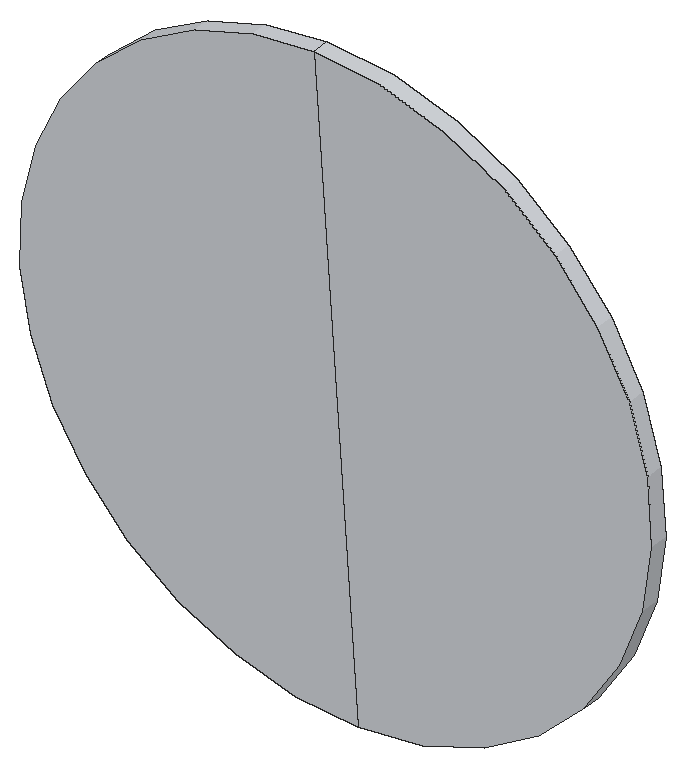
Revit family "Alcon-13101-LG-M-Revit Family", category Lighting Fixtures, Revit 2025
Family settings
  Round Connector Dimension = Use Diameter
  Part Type = Normal
  Work Plane-Based = Yes
  Always vertical = No
  Cut with Voids When Loaded = No
  Light Source = No
  Maintain Annotation Orientation = No
  Shared = No
  Room Calculation Point = No
Parameters (values of type "LCALDJ5W-L35UE-DUN-40")
  lamp = Lamp
  Width = 4 3/4"  # constant formula
  Wattage Comments = ""
  Wattage = 45 W
  Waterproof = ""
  URL = "https://www.alconlighting.com/"
  To intersect with a cutting plan [instance] = 97"
  Specification Sheets = "https://www.alconlighting.com/13101-lg-m.html"
  Rotation angle (-355....+355) degrees [instance] = 0.00°
  Product Page = "https://www.alconlighting.com/13101-lg-m.html"
  Photo = "https://www.alconlighting.com/13101-lg-m.html"
  OPTIONS = "Frosted Lens -FR"
  Model = "Alcon-13101-LG-M"
  Manufacturer = "https://www.alconlighting.com/"
  Luminous Flux = 3500 lm
  Line Art = "https://www.alconlighting.com/13101-lg-m.html"
  Lamp = "LED"
  LED = "T30:3000K"
  Instruction Sheet = "ETL/cETL listed to UL1598 and UL8750.\r\n4VJUBCMF\u0001GPS\u0001ESZ\u0001BOE\u0001EBNQ\u0001MPDBUJPOT\u000f\u0001\r\nNYC approved: Calendar #41937.\r\nAssembled in USA."
  IES File = "https://www.alconlighting.com/13101-lg-m.html"
  ID# = ""
  Housing = White
  Height = 9 3/16"  # constant formula
  FINISH = "W: White"
  Efficacy = 77.78 lm/W
  Description = "Architectural-grade surface, pendant and track mount adjustable accent LED provides the flexibility to put the light where you want it, whether into tight corners or accenting your favorite sculpture."
  Depth = 4 3/4"  # constant formula
  Default Elevation = 48"
  DIMMING = "Non-Dimming (120V)"
  COLOR TEMP = "3000K (90 CRI)"
  BEAM SPREAD = ""
  Tilt angle  (0... +85) degrees [instance] = 85.00°
Reference planes (in)
  plane 1 "Light Source Axis (F/B)": y = -1.33068
  plane 2: z = 0
  plane 3 "Light Source Axis (L/R)": x = -3.95312
  plane 4: y = -3.70568
  plane 5: y = -6.08068
  plane 6: x = -6.32812
  plane 7: x = -1.57812
  plane 8: z = -97.75
  plane 9: z = -3.6875
  plane 10: z = -6.4375
  plane 11: z = -9.1875
Lines and regions (in)
  model lines, style "InvisibleLines"
    curve 1: line (-3.95312, -1.33068, -0.75) -> (-3.95312, -1.33068, -97)
  reference lines, not visible
    curve 2: line (-3.95312, -3.70568, 0) -> (-3.95312, -56.70568, 0)
Dimensions and locks (in)
  "Depth": plane 1 "Light Source Axis (F/B)" to plane 5
  "Width": plane 6 to plane 7
  "Height": level to plane 11
  "To intersect with a cutting plan": level to curve 1
  equal spacing: plane 9, plane 10, plane 11
  locked: curve 2 to plane 3 "Light Source Axis (L/R)"
  equal spacing: plane 1 "Light Source Axis (F/B)", plane 4, plane 5
  equal spacing: plane 6, plane 3 "Light Source Axis (L/R)", plane 7
  locked: curve 2 to plane 4
  locked: plane 9 to plane 11 at 5.5
  "Rotation angle (-355....+355) degrees": angle curve 2 to plane 3 "Light Source Axis (L/R)"
  aligned and locked: level to plane 2
  aligned and locked: plane 3 "Light Source Axis (L/R)" to nested 1
  aligned and locked: plane 4 to nested 1
Automatic sketch dimensions
  plane 3 "Light Source Axis (L/R)" to curve 1 = 0"
  curve 1 to level = 3/4"
Nested families (in)
  nested 1: "Housing_LCALDJ5W" at (-3.95312, -3.70568, 0), type "Housing_LCALDJ5W"
    with Housing none
  nested 2: "Housing rotation_LCALDJ5W" at (0, 0, 0.65985), Rotation angle (-355....+355) degrees <- "Rotation angle (-355....+355) degrees", Tilt angle  (0... +85) degrees <- "Tilt angle  (0... +85) degrees", type "Housing rotation_LCALDJ5W_2"
    with To intersect with a cutting plan 97", Tilt angle  (0... +85) degrees 85.00°, Rotation angle (-355....+355) degrees 0.00°
  nested 3: "Housing turning _LCALDJ5W" at (-3.96563, -3.70568, -5.77765) x (-1, 0, 0) z (0, 0.9962, 0.0872), type "Housing turning _LCALDJ5W"
    with lamp none, Housing none
Definition of nested family "Housing turning _LCALDJ5W"
  Parameters
    lamp [instance] = none
    Wattage = 25 W
    built-in parameter 1150110 = 1 (stored number, unit not read)
    built-in parameter 1114217 = 1 (stored number, unit not read)
    Tilt Angle = 90.00°
    built-in parameter 1150109 = 1 (stored number, unit not read)
    built-in parameter 1150134 = 12
    built-in parameter 1150113 = 1 (stored number, unit not read)
    built-in parameter 1010507 = 1.2008 (stored number, unit not read)
    built-in parameter 1010506 = 0.99833 (stored number, unit not read)
    built-in parameter 1150105 = 4650.8 (stored number, unit not read)
    Lumens = 3250 lm
    built-in parameter 1150115 = 1 (stored number, unit not read)
    Light Source Symbol Length = 144"
    built-in parameter 1150137 = (empty or 0)
    built-in parameter 1150139 = (empty or 0)
    built-in parameter 1150112 = 1 (stored number, unit not read)
    built-in parameter 1150114 = 1 (stored number, unit not read)
    built-in parameter 1150132 = (empty or 0)
    built-in parameter 1150102 = (empty or 0)
    built-in parameter 1150107 = 4000 (stored number, unit not read)
    built-in parameter 1150138 = (empty or 0)
    built-in parameter 1150106 = 46.508 (stored number, unit not read)
    Housing [instance] = none
    Emit from Circle Diameter = 24"
    Emit Shape Visible in Rendering = no
    built-in parameter 1150104 = 12.077 (stored number, unit not read)
    Dimming Lamp Color Temperature Shift = (empty or 0)
    Default Elevation = 48"
    Color Filter = 16777215
    built-in parameter 1114218 = 1 (stored number, unit not read)
    built-in parameter 1150133 = 10 (stored number, unit not read)
  Reference planes (in)
    plane 1 "Center (Front/Back)": y = 0
    plane 2: z = 0
    plane 3 "Center (Left/Right)": x = 0
    plane 4: z = -3.40645
    plane 5: z = -3.45421
    plane 6: z = 2.04336
    plane 7: x = -2.39419
    plane 8: x = 2.39419
    plane 9: z = -0.71233
  Forms (in)
    Revolve 1, solid, material <- "lamp"
      sketch origin (0, 0, 0) x (0, 1, 0) y (0, 0, 1)
        loop
          line (0, -3.36738) -> (2.21591, -3.36738) -> (2.21591, -3.24927) -> (0, -3.24927) -> (0, -3.36738)
        axis (0, -3.24927) -> (0, -3.36738)
      angle from 0 to 360
  Dimensions and locks (in)
    plane 7 to plane 8 = 4.78838"
    imposter light to imposter light = 144"
    imposter light to plane 5 = 0.04754"
    equal spacing: plane 7, imposter light, plane 8
    aligned and locked: plane 2 to level
    aligned and locked: plane 4 to imposter light
    aligned and locked: imposter light to plane 1 "Center (Front/Back)"
  Automatic sketch dimensions
    Revolve 1 sketch curve to plane 1 "Center (Front/Back)" = 0"  (x2)
    plane 4 to Revolve 1 sketch curve = 5/128"
    Revolve 1 sketch curve to plane 1 "Center (Front/Back)" = 2.21591"
    Revolve 1 sketch curve to Revolve 1 sketch curve = 0.11811"
    Revolve 1 sketch curve to plane 5 = 1.00835"
    plane 6 to Revolve 1 sketch curve = 2.24408"
Definition of nested family "Housing_LCALDJ5W"
  Parameters
    Housing [instance] = none
    Default Elevation = 0"
  Reference planes (in)
    plane 1 "Center (Front/Back)": y = 0
    plane 2: z = 0
    plane 3 "Center (Left/Right)": x = 0
  Dimensions and locks (in)
    aligned and locked: plane 2 to level
    aligned and locked: import instance to level
Definition of nested family "Housing rotation_LCALDJ5W"
  Parameters
    lamp = none
    Width = 4 3/4"  # constant formula
    Wattage Comments = ""
    Wattage = 25 W
    Waterproof = ""
    URL = ""
    To intersect with a cutting plan [instance] = 97"
    Tilt angle  (0... +85) degrees [instance] = 85.00°
    Specification Sheets = ""
    Rotation angle (-355....+355) degrees [instance] = 193.00°
    Photo = ""
    OPTIONS = ""
    Model = ""
    Manufacturer = ""
    Luminous Flux = 3250 lm
    Line Art = ""
    Lamp = "LED"
    LED = ""
    Instruction Sheet = ""
    IES File = ""
    ID# = ""
    Housing = none
    Height = 9 3/16"  # constant formula
    FINISH = ""
    Efficacy = 130 lm/W
    Description = ""
    Depth = 4 3/4"  # constant formula
    Default Elevation = 48"
    DIMMING = ""
    COLOR TEMP = ""
    BEAM SPREAD = ""
  Reference planes (in)
    plane 1 "Light Source Axis (F/B)": y = -1.33068
    plane 2: z = 0
    plane 3 "Light Source Axis (L/R)": x = -3.95312
    plane 4: y = -3.70568
    plane 5: y = -6.08068
    plane 6: x = -6.32812
    plane 7: x = -1.57812
    plane 8: z = -97.75
    plane 9: z = -3.6875
    plane 10: z = -6.4375
    plane 11: z = -9.1875
  Lines and regions (in)
    reference lines, not visible
      curve 1: line (-1.8125, -3.70568, -6.4375) -> (-1.8125, -4.83871, 6.51303)
  Dimensions and locks (in)
    "Depth": plane 1 "Light Source Axis (F/B)" to plane 5
    "Width": plane 6 to plane 7
    "Height": level to plane 11
    level to curve 1 = 6 7/16"
    plane 10 to curve 1 = 0"
    locked: plane 9 to plane 11 at 5.5
    equal spacing: plane 9, plane 10, plane 11
    equal spacing: plane 1 "Light Source Axis (F/B)", plane 4, plane 5
    equal spacing: plane 6, plane 3 "Light Source Axis (L/R)", plane 7
    "Tilt angle  (0... +85) degrees": angle plane 10 to curve 1
    aligned and locked: level to plane 2
    aligned and locked: curve 1 to nested 1
    aligned and locked: plane 3 "Light Source Axis (L/R)" to nested 2
    aligned and locked: plane 4 to nested 2
    aligned and locked: plane 10 to nested 2
  Automatic sketch dimensions
    curve 1 to plane 4 = 0"
  Nested families (in)
    nested 1: "Housing turning _LCALDJ5W" at (-3.96563, -3.70568, -6.4375) x (-1, 0, 0) z (0, 0.9962, 0.0872), type "Housing turning _LCALDJ5W"
      with lamp none, Housing none
    nested 2: "Housing rotation_LCALDJ5W" at (-3.95312, -3.70568, -3.80946), type "Housing rotation_LCALDJ5W"
      with Housing none
  Definition of nested family "Housing turning _LCALDJ5W"
    Parameters
      lamp [instance] = none
      Wattage = 25 W
      built-in parameter 1150110 = 1 (stored number, unit not read)
      built-in parameter 1114217 = 1 (stored number, unit not read)
      Tilt Angle = 90.00°
      built-in parameter 1150109 = 1 (stored number, unit not read)
      built-in parameter 1150134 = 12
      built-in parameter 1150113 = 1 (stored number, unit not read)
      built-in parameter 1010507 = 1.2008 (stored number, unit not read)
      built-in parameter 1010506 = 0.99833 (stored number, unit not read)
      built-in parameter 1150105 = 4650.8 (stored number, unit not read)
      Lumens = 3250 lm
      built-in parameter 1150115 = 1 (stored number, unit not read)
      Light Source Symbol Length = 144"
      built-in parameter 1150137 = (empty or 0)
      built-in parameter 1150139 = (empty or 0)
      built-in parameter 1150112 = 1 (stored number, unit not read)
      built-in parameter 1150114 = 1 (stored number, unit not read)
      built-in parameter 1150132 = (empty or 0)
      built-in parameter 1150102 = (empty or 0)
      built-in parameter 1150107 = 4000 (stored number, unit not read)
      built-in parameter 1150138 = (empty or 0)
      built-in parameter 1150106 = 46.508 (stored number, unit not read)
      Housing [instance] = none
      Emit from Circle Diameter = 24"
      Emit Shape Visible in Rendering = no
      built-in parameter 1150104 = 12.077 (stored number, unit not read)
      Dimming Lamp Color Temperature Shift = (empty or 0)
      Default Elevation = 48"
      Color Filter = 16777215
      built-in parameter 1114218 = 1 (stored number, unit not read)
      built-in parameter 1150133 = 10 (stored number, unit not read)
    Reference planes (in)
      plane 1 "Center (Front/Back)": y = 0
      plane 2: z = 0
      plane 3 "Center (Left/Right)": x = 0
      plane 4: z = -3.40645
      plane 5: z = -3.45421
      plane 6: z = 2.04336
      plane 7: x = -2.39419
      plane 8: x = 2.39419
      plane 9: z = -0.71233
    Forms (in)
      Revolve 1, solid, material <- "lamp"
        sketch origin (0, 0, 0) x (0, 1, 0) y (0, 0, 1)
          loop
            line (0, -3.36738) -> (2.21591, -3.36738) -> (2.21591, -3.24927) -> (0, -3.24927) -> (0, -3.36738)
          axis (0, -3.24927) -> (0, -3.36738)
        angle from 0 to 360
    Dimensions and locks (in)
      plane 7 to plane 8 = 4.78838"
      imposter light to imposter light = 144"
      imposter light to plane 5 = 0.04754"
      equal spacing: plane 7, imposter light, plane 8
      aligned and locked: plane 2 to level
      aligned and locked: plane 4 to imposter light
      aligned and locked: imposter light to plane 1 "Center (Front/Back)"
    Automatic sketch dimensions
      Revolve 1 sketch curve to plane 1 "Center (Front/Back)" = 0"  (x2)
      plane 4 to Revolve 1 sketch curve = 5/128"
      Revolve 1 sketch curve to plane 1 "Center (Front/Back)" = 2.21591"
      Revolve 1 sketch curve to Revolve 1 sketch curve = 0.11811"
      Revolve 1 sketch curve to plane 5 = 1.00835"
      plane 6 to Revolve 1 sketch curve = 2.24408"
  Definition of nested family "Housing rotation_LCALDJ5W"
    Parameters
      Housing [instance] = none
      Default Elevation = 0"
    Reference planes (in)
      plane 1 "Center (Front/Back)": y = 0
      plane 2: z = 0
      plane 3 "Center (Left/Right)": x = 0
      plane 4: z = -2.62804
    Dimensions and locks (in)
      aligned and locked: plane 2 to level
